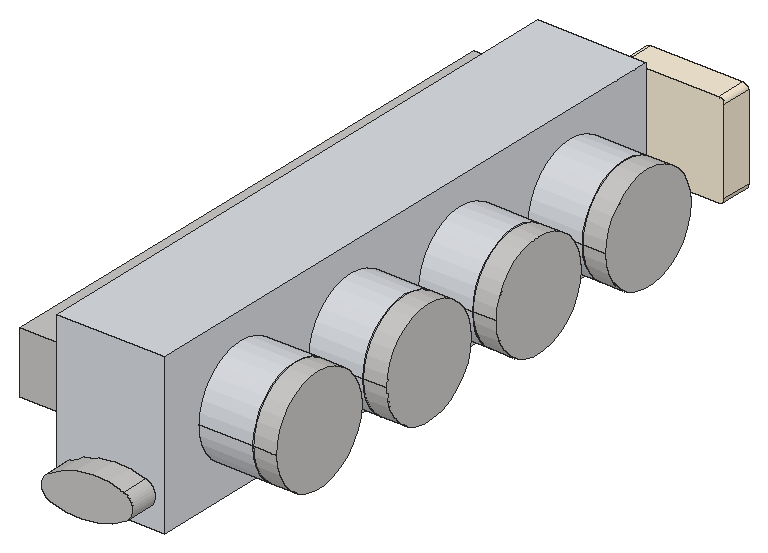
Revit family "HVAC_Ductwork_Airzone_Motorized-Plenum_Galletti_Standard_4-Dampers", category Mechanical Equipment, Revit 2016
Family settings
  Part Type = Normal
  Round Connector Dimension = Use Diameter
  OmniClass Number = 23.75.70.14
  OmniClass Title = Air Ductwork
  Work Plane-Based = No
  Always vertical = Yes
  Cut with Voids When Loaded = No
  Shared = No
  Room Calculation Point = No
Parameters (values of type "GALST01M4")
  Voltage = 230 V
  URL = "www.airzone.es"
  Type Image Comments = "Image available in product documentation download"  # constant formula
  Revit Model Version = "1.0"  # constant formula
  Revit Model Author URL = "www.a3d.es"
  Revit Model Author = "A3D Consulting"  # constant formula
  Product Documentation Download URL = "http://doc.airzone.es/BIM/Easyzone/Galleti-Airzone_motorized_plenum.zip"
  Product Comments = "Refer to technical documentation for further details"  # constant formula
  Power Factor = 1
  Neck Width = 1073.600 mm
  Neck Length = 95.000 mm
  Neck Height = 116.600 mm
  Material = Metal - AIRZONE - Galvanized Sheet - Semi-polished
  Main Control Board Material = Plastic - AIRZONE - Smooth - Off-white
  Load Classification = Other
  Insulated Body Width = 205.000 mm  # constant formula
  Insulated Body Material = Metal -AIRZONE - Insulating Lining -Aluminum Finish
  Insulated Body Length = 1140.000 mm  # constant formula
  Insulated Body Height = 300.000 mm  # constant formula
  Flow [instance] = Damper 4 Air Flow + Damper 3 Air Flow + Damper 2 Air Flow + Damper 1 Air Flow - Fresh Air Inlet 2 Flow - Fresh Air Inlet 1 Flow  # 1200 m³/h
  Fresh Air Inlet 1 Flow [instance] = 0 m³/h
  Fresh Air Inlet 2 Flow [instance] = 0 m³/h
  Fresh Air Inlet Connection Width = 175.000 mm
  Fresh Air Inlet Connection Height = 75.000 mm
  Model = "GALST01M4"
  Neck Side Offset = 33.200 mm
  Neck Bottom Offset = 112.700 mm
  Type Image = <None>
  Manufacturer = "AIRZONE"  # constant formula
  Main Control Board Depth = 57.000 mm  # constant formula
  Main Control Board Width = 195.000 mm  # constant formula
  Main Control Board Height = 180.000 mm  # constant formula
  Fixing = ""
  Disclaimer = "All information provided in this model is reviewed before being published. However, Airzone cannot guarantee this model is error-free, therefore users are strongly encouraged to check for technical documentation and updates"  # constant formula
  Description = "Airzone standard motorized plenum with neck that mechanically adapts to the main ducted AC units of Galletti."
  Type Comments = ""
  Dampers Length = 149.000 mm  # constant formula
  Dampers Diameter = 200.000 mm  # constant formula
  Damper 4 Air Flow [instance] = 300 m³/h
  Damper 1 Air Flow [instance] = 300 m³/h
  Damper 2 Air Flow [instance] = 300 m³/h
  Damper 3 Air Flow [instance] = 300 m³/h
  Fresh Air Inlet Connection Offset Height = 48.305 mm  # constant formula
  Compatible Accesories = ""
  Apparent Load = 57.5 VA
Reference planes
  plane 1 "Center (Front/Back)": y = 0
  plane 2 "Center (Elevation)": z = 0
  plane 3 "Center (Left/Right)": x = 0
  plane 4 "Neck Back": y = 536.8
  plane 5 "Neck Front": y = -536.8
  plane 6 "Neck Top": z = 58.3
  plane 7 "Neck Bottom": z = -58.3
  plane 8 "Left": x = 95
  plane 9 "Bottom": z = -171
  plane 10 "Top": z = 129
  plane 11 "Front": y = -570
  plane 12 "Back": y = 570
  plane 13 "Right": x = 300
  plane 14 "Dampers Front": x = 449
  plane 15 "Dampers Center (Elevation)": z = -21
  plane 16 "Damper3": y = -130
  plane 17 "Damper2": y = 130
  plane 18 "Damper1": y = 390
  plane 19 "Middle": y = 0
  plane 20 "FreshAir Center (Elevation)": z = -122.695
  plane 21 "FreshAir1": y = 622.5
  plane 22 "FreshAir2": y = -622.5
  plane 23 "Dampers Lining": x = 404
  plane 24 "FreshAir Vertical Axis": x = 195.83
  plane 25 "ConnectionBox Side": x = 254
  plane 26 "Main Control Board Center (Left/Right)": x = 351.5
  plane 27 "Damper4": y = -390
Forms (mm)
  Extrusion 1, solid, material "Metal - AIRZONE - Galvanized Sheet - Semi-polished" <- "Material"
    sketch origin (0, 0, 0) x (0, 1, 0) y (0, 0, 1)
      loop
        line (-536.8, 58.3) -> (-536.8, -58.3) -> (536.8, -58.3) -> (536.8, 58.3) -> (-536.8, 58.3)
    from 0 to 95
  Extrusion 2, solid, material "Metal -AIRZONE - Insulating Lining -Aluminum Finish" <- "Insulated Body Material"
    sketch origin (95, 0, 0) x (0, 1, 0) y (0, 0, 1)
      loop
        line (-570, 129) -> (-570, -171) -> (570, -171) -> (570, 129) -> (-570, 129)
    from 0 to 205
  Extrusion 3, solid, material "Metal - AIRZONE - Galvanized Sheet - Semi-polished" <- "Material"
    sketch origin (300, 0, 0) x (0, 1, 0) y (0, 0, 1)
      loop
        circle (-130, -21) r 100
    from 104 to 149
  Extrusion 4, solid, material "Metal - AIRZONE - Galvanized Sheet - Semi-polished" <- "Material"
    sketch origin (300, 0, 0) x (0, 1, 0) y (0, 0, 1)
      loop
        circle (130, -21) r 100
    from 104 to 149
  Extrusion 5, solid, material "Metal - AIRZONE - Galvanized Sheet - Semi-polished" <- "Material"
    sketch origin (300, 0, 0) x (0, 1, 0) y (0, 0, 1)
      loop
        circle (390, -21) r 100
    from 104 to 149
  Extrusion 6, solid, material "Metal - AIRZONE - Galvanized Sheet - Semi-polished" <- "Material"
    sketch origin (0, -570, 0) x (0, 0, 1) y (1, 0, 0)
      loop
        arc (-90.141, 265.204) -> (-111.608, 282.105) -> (-136.312, 270.434) r 25.96
        arc (-136.312, 270.434) -> (-162.302, 200.598) -> (-154.849, 126.456) r 164.67
        arc (-154.849, 126.456) -> (-133.665, 109.589) -> (-108.994, 120.751) r 25.96
        arc (-108.994, 120.751) -> (-82.725, 190.78) -> (-90.141, 265.204) r 164.67
    from 0 to -52.5
  Extrusion 7, solid, material "Metal - AIRZONE - Galvanized Sheet - Semi-polished" <- "Material"
    sketch origin (0, 570, 0) x (0, 0, 1) y (1, 0, 0)
      loop
        arc (-90.141, 265.204) -> (-111.325, 282.071) -> (-135.996, 270.909) r 25.96
        arc (-135.996, 270.909) -> (-162.179, 201.53) -> (-155.267, 127.699) r 164.67
        arc (-155.267, 127.699) -> (-134.032, 109.637) -> (-108.678, 121.226) r 25.96
        arc (-108.678, 121.226) -> (-82.688, 191.062) -> (-90.141, 265.204) r 164.67
    from 0 to 52.5
  Extrusion 8, solid, material "Metal -AIRZONE - Insulating Lining -Aluminum Finish" <- "Insulated Body Material"
    sketch origin (300, 0, 0) x (0, 1, 0) y (0, 0, 1)
      loop
        circle (390, -21) r 100
    from 0 to 104
  Extrusion 9, solid, material "Metal -AIRZONE - Insulating Lining -Aluminum Finish" <- "Insulated Body Material"
    sketch origin (300, -260, 0) x (0, 1, 0) y (0, 0, 1)
      loop
        circle (390, -21) r 100
    from 0 to 104
  Extrusion 10, solid, material "Metal -AIRZONE - Insulating Lining -Aluminum Finish" <- "Insulated Body Material"
    sketch origin (300, -520, 0) x (0, 1, 0) y (0, 0, 1)
      loop
        circle (390, -21) r 100
    from 0 to 104
  Extrusion 11, solid, material "Metal - AIRZONE - Galvanized Sheet - Semi-polished" <- "Material"
    sketch origin (300, -190, 0) x (0, 1, 0) y (0, 0, 1)
      loop
        circle (-200, -21) r 100
    from 104 to 149
  Extrusion 12, solid, material "Metal -AIRZONE - Insulating Lining -Aluminum Finish" <- "Insulated Body Material"
    sketch origin (300, -710, 0) x (0, 1, 0) y (0, 0, 1)
      loop
        circle (320, -21) r 100
    from 0 to 104
Lines and regions (mm)
  Masking region 1
    outline origin (0, 0, 0) x (1, 0, 0) y (0, 1, 0)
      loop
        line (95, 570) -> (95, -570) -> (300, -570) -> (300, 570) -> (95, 570)
  Masking region 2, detail levels medium+fine
    outline origin (0, 0, 0) x (1, 0, 0) y (0, 1, 0)
      loop
        line (0, 536.8) -> (0, -536.8) -> (95, -536.8) -> (95, 536.8) -> (0, 536.8)
  Masking region 3, detail levels medium+fine
    outline origin (0, 0, 0) x (1, 0, 0) y (0, 1, 0)
      loop
        line (300, -30) -> (300, -230) -> (449, -230) -> (449, -30) -> (300, -30)
  Masking region 4, detail levels medium+fine
    outline origin (0, 260, 0) x (1, 0, 0) y (0, 1, 0)
      loop
        line (300, -30) -> (300, -230) -> (449, -230) -> (449, -30) -> (300, -30)
  Masking region 5, detail levels medium+fine
    outline origin (0, 520, 0) x (1, 0, 0) y (0, 1, 0)
      loop
        line (300, -30) -> (300, -230) -> (449, -230) -> (449, -30) -> (300, -30)
  Masking region 6, detail levels medium+fine
    outline origin (0, 0, -122.695) x (1, 0, 0) y (0, 1, 0)
      loop
        line (108.33, 622.5) -> (108.33, 570) -> (283.33, 570) -> (283.33, 622.5) -> (108.33, 622.5)
  Masking region 7, detail levels medium+fine
    outline origin (0, 0, -122.695) x (1, 0, 0) y (0, 1, 0)
      loop
        line (108.33, -570) -> (108.33, -622.5) -> (283.33, -622.5) -> (283.33, -570) -> (108.33, -570)
  Masking region 8, detail levels medium+fine
    outline origin (0, 0, 129) x (0, -1, 0) y (1, 0, 0)
      loop
        line (-627, 254) -> (-570, 254) -> (-570, 449) -> (-627, 449) -> (-627, 254)
  Masking region 9, detail levels medium+fine
    outline origin (0, -190, 0) x (1, 0, 0) y (0, 1, 0)
      loop
        line (300, -100) -> (300, -300) -> (449, -300) -> (449, -100) -> (300, -100)
  symbolic lines, detail levels coarse
    curve 1: line (95, -570, 0) -> (300, 0, 0)
    curve 2: line (300, 0, 0) -> (95, 570, 0)
Dimensions and locks
  equal spacing: plane 4 "Neck Back", plane 1 "Center (Front/Back)", plane 5 "Neck Front"
  "Neck Width": plane 4 "Neck Back" to plane 5 "Neck Front"
  equal spacing: plane 6 "Neck Top", level, plane 7 "Neck Bottom"
  "Neck Height": plane 6 "Neck Top" to plane 7 "Neck Bottom"
  "Neck Length": plane 3 "Center (Left/Right)" to plane 8 "Left"
  "Neck Bottom Offset": plane 7 "Neck Bottom" to plane 9 "Bottom"
  "Insulated Body Height": plane 10 "Top" to plane 9 "Bottom"
  "Insulated Body Length": plane 12 "Back" to plane 11 "Front"
  "Insulated Body Width": plane 8 "Left" to plane 13 "Right"
  "Dampers Length": plane 13 "Right" to plane 14 "Dampers Front"
  equal spacing: plane 10 "Top", plane 15 "Dampers Center (Elevation)", plane 9 "Bottom"
  equal spacing: plane 12 "Back", plane 19 "Middle", plane 11 "Front"
  plane 8 "Left" to plane 13 "Right" = 205.000 mm
  "Fresh Air Inlet Connection Offset Height": plane 20 "FreshAir Center (Elevation)" to plane 9 "Bottom"
  locked: Extrusion 6 sketch curve to plane 9 "Bottom" at 56.47
  locked: plane 13 "Right" to Extrusion 6 sketch curve at 43.69
  locked: plane 13 "Right" to Extrusion 6 sketch curve at 164.65
  locked: Extrusion 6 sketch curve to plane 9 "Bottom" at 40.54
  locked: plane 13 "Right" to Extrusion 6 sketch curve at 87.91
  locked: plane 9 "Bottom" to Extrusion 6 sketch curve at 75.01
  locked: plane 13 "Right" to Extrusion 6 sketch curve at 120.43
  locked: Extrusion 6 sketch curve to plane 9 "Bottom" at 172.02
  locked: plane 13 "Right" to Extrusion 7 sketch curve at 43.69
  locked: Extrusion 7 sketch curve to plane 9 "Bottom" at 56.47
  locked: Extrusion 7 sketch curve to plane 9 "Bottom" at 40.54
  locked: plane 13 "Right" to Extrusion 7 sketch curve at 164.65
  locked: plane 13 "Right" to Extrusion 7 sketch curve at 120.43
  locked: Extrusion 7 sketch curve to plane 9 "Bottom" at 172.02
  locked: plane 9 "Bottom" to Extrusion 7 sketch curve at 75.01
  locked: plane 13 "Right" to Extrusion 7 sketch curve at 87.91
  "Neck Side Offset": plane 12 "Back" to plane 4 "Neck Back"
  locked: plane 21 "FreshAir1" to plane 12 "Back" at 52.5
  plane 11 "Front" to plane 22 "FreshAir2" = 52.500 mm
  locked: connector elem to plane 13 "Right" at 104.17
  locked: plane 20 "FreshAir Center (Elevation)" to connector elem
  locked: plane 13 "Right" to connector elem at 104.17
  locked: connector elem to plane 20 "FreshAir Center (Elevation)"
  locked: plane 23 "Dampers Lining" to plane 14 "Dampers Front" at 45
  locked: plane 24 "FreshAir Vertical Axis" to plane 13 "Right" at 104.17
  equal spacing: Masking region 3 sketch curve, plane 16 "Damper3", Masking region 3 sketch curve
  "Dampers Diameter": Masking region 3 sketch curve to Masking region 3 sketch curve
  "Dampers Diameter": Masking region 4 sketch curve to Masking region 4 sketch curve
  equal spacing: Masking region 5 sketch curve, plane 18 "Damper1", Masking region 5 sketch curve
  "Dampers Diameter": Masking region 5 sketch curve to Masking region 5 sketch curve
  equal spacing: Masking region 6 sketch curve, plane 24 "FreshAir Vertical Axis", Masking region 6 sketch curve
  "Fresh Air Inlet Connection Width": Masking region 6 sketch curve to Masking region 6 sketch curve
  equal spacing: Masking region 7 sketch curve, plane 24 "FreshAir Vertical Axis", Masking region 7 sketch curve
  "Fresh Air Inlet Connection Width": Masking region 7 sketch curve to Masking region 7 sketch curve
  "Main Control Board Depth": Masking region 8 sketch curve to plane 12 "Back"
  "Main Control Board Width": plane 25 "ConnectionBox Side" to plane 14 "Dampers Front"
  equal spacing: plane 25 "ConnectionBox Side", plane 26 "Main Control Board Center (Left/Right)", plane 14 "Dampers Front"
  locked: nested 1 to plane 10 "Top" at 10
  equal spacing: Masking region 4 sketch curve, plane 17 "Damper2", Masking region 4 sketch curve
  equal spacing: Masking region 9 sketch curve, plane 27 "Damper4", Masking region 9 sketch curve
  "Dampers Diameter": Masking region 9 sketch curve to Masking region 9 sketch curve
  plane 18 "Damper1" to plane 17 "Damper2" to plane 16 "Damper3" to plane 27 "Damper4" = 260.000 mm locked, 260.000 mm locked, 260.000 mm locked
  locked: plane 17 "Damper2" to plane 19 "Middle" at 130
  "Dampers Diameter": diameter of Extrusion 3 sketch curve
  "Dampers Diameter": diameter of Extrusion 4 sketch curve
  "Dampers Diameter": diameter of Extrusion 5 sketch curve
  radius of Extrusion 7 sketch curve = 164.670 mm  (x2)
  radius of Extrusion 7 sketch curve = 25.960 mm  (x2)
  radius of Extrusion 6 sketch curve = 164.670 mm  (x2)
  radius of Extrusion 6 sketch curve = 25.960 mm  (x2)
  "Dampers Diameter": diameter of Extrusion 8 sketch curve
  "Dampers Diameter": diameter of Extrusion 9 sketch curve
  "Dampers Diameter": diameter of Extrusion 10 sketch curve
  "Dampers Diameter": diameter of Extrusion 11 sketch curve
  "Dampers Diameter": diameter of Extrusion 12 sketch curve
  aligned and locked: level to plane 2 "Center (Elevation)"
  aligned and locked: plane 5 "Neck Front" to Extrusion 1 sketch curve
  aligned and locked: Extrusion 1 sketch curve to plane 6 "Neck Top"
  aligned and locked: Extrusion 1 sketch curve to plane 4 "Neck Back"
  aligned and locked: plane 7 "Neck Bottom" to Extrusion 1 sketch curve
  aligned and locked: Extrusion 1 to plane 3 "Center (Left/Right)"
  aligned and locked: Extrusion 2 sketch curve to plane 10 "Top"
  aligned and locked: Extrusion 2 sketch curve to plane 12 "Back"
  aligned and locked: plane 9 "Bottom" to Extrusion 2 sketch curve
  aligned and locked: plane 11 "Front" to Extrusion 2 sketch curve
  aligned and locked: plane 13 "Right" to Extrusion 2
  aligned and locked: Extrusion 2 to plane 8 "Left"
  aligned and locked: plane 16 "Damper3" to Extrusion 3 sketch curve
  aligned and locked: plane 15 "Dampers Center (Elevation)" to Extrusion 3 sketch curve
  aligned and locked: plane 15 "Dampers Center (Elevation)" to Extrusion 4 sketch curve
  aligned and locked: plane 18 "Damper1" to Extrusion 5 sketch curve
  aligned and locked: plane 15 "Dampers Center (Elevation)" to Extrusion 5 sketch curve
  aligned and locked: plane 14 "Dampers Front" to Extrusion 5
  aligned and locked: plane 14 "Dampers Front" to Extrusion 4
  aligned and locked: plane 14 "Dampers Front" to Extrusion 3
  aligned and locked: plane 8 "Left" to Extrusion 1
  aligned and locked: plane 22 "FreshAir2" to Extrusion 6
  aligned and locked: plane 21 "FreshAir1" to Extrusion 7
  aligned and locked: Extrusion 7 to plane 12 "Back"
  aligned and locked: plane 11 "Front" to Extrusion 6
  aligned and locked: Extrusion 5 to plane 23 "Dampers Lining"
  aligned and locked: Extrusion 5 to Extrusion 4
  aligned and locked: Extrusion 4 to Extrusion 3
  aligned and locked: plane 23 "Dampers Lining" to Extrusion 8
  aligned and locked: Extrusion 10 to plane 13 "Right"
  aligned and locked: plane 23 "Dampers Lining" to Extrusion 10
  aligned and locked: Extrusion 9 to plane 13 "Right"
  aligned and locked: plane 23 "Dampers Lining" to Extrusion 9
  aligned and locked: Extrusion 8 to plane 13 "Right"
  aligned and locked: Extrusion 9 to Extrusion 8
  aligned and locked: plane 18 "Damper1" to Extrusion 8 sketch curve
  aligned and locked: plane 15 "Dampers Center (Elevation)" to Extrusion 8 sketch curve
  aligned and locked: plane 15 "Dampers Center (Elevation)" to Extrusion 9 sketch curve
  aligned and locked: plane 16 "Damper3" to Extrusion 10 sketch curve
  aligned and locked: plane 15 "Dampers Center (Elevation)" to Extrusion 10 sketch curve
  aligned and locked: Masking region 1 sketch curve to plane 12 "Back"
  aligned and locked: plane 8 "Left" to Masking region 1 sketch curve
  aligned and locked: Masking region 1 sketch curve to plane 13 "Right"
  aligned and locked: plane 11 "Front" to Masking region 1 sketch curve
  aligned and locked: plane 5 "Neck Front" to Masking region 2 sketch curve
  aligned and locked: plane 3 "Center (Left/Right)" to Masking region 2 sketch curve
  aligned and locked: Masking region 2 sketch curve to plane 4 "Neck Back"
  aligned and locked: Masking region 2 sketch curve to plane 8 "Left"
  aligned and locked: plane 13 "Right" to Masking region 3 sketch curve
  aligned and locked: Masking region 3 sketch curve to plane 14 "Dampers Front"
  aligned and locked: plane 13 "Right" to Masking region 4 sketch curve
  aligned and locked: Masking region 4 sketch curve to plane 14 "Dampers Front"
  aligned and locked: plane 13 "Right" to Masking region 5 sketch curve
  aligned and locked: Masking region 5 sketch curve to plane 14 "Dampers Front"
  aligned and locked: plane 12 "Back" to Masking region 6 sketch curve
  aligned and locked: Masking region 6 sketch curve to plane 21 "FreshAir1"
  aligned and locked: Masking region 7 sketch curve to plane 11 "Front"
  aligned and locked: Masking region 7 sketch curve to plane 22 "FreshAir2"
  aligned and locked: plane 12 "Back" to Masking region 8 sketch curve
  aligned and locked: Masking region 8 sketch curve to plane 14 "Dampers Front"
  aligned and locked: plane 25 "ConnectionBox Side" to Masking region 8 sketch curve
  aligned and locked: plane 17 "Damper2" to Extrusion 9 sketch curve
  aligned and locked: plane 17 "Damper2" to Extrusion 4 sketch curve
  aligned and locked: Masking region 9 sketch curve to plane 14 "Dampers Front"
  aligned and locked: plane 13 "Right" to Masking region 9 sketch curve
  aligned and locked: Extrusion 12 to plane 13 "Right"
  aligned and locked: plane 23 "Dampers Lining" to Extrusion 12
  aligned and locked: Extrusion 11 to plane 23 "Dampers Lining"
  aligned and locked: plane 14 "Dampers Front" to Extrusion 11
  aligned and locked: plane 15 "Dampers Center (Elevation)" to Extrusion 12 sketch curve
  aligned and locked: plane 27 "Damper4" to Extrusion 12 sketch curve
  aligned and locked: plane 15 "Dampers Center (Elevation)" to Extrusion 11 sketch curve
  aligned and locked: plane 27 "Damper4" to Extrusion 11 sketch curve
  aligned and locked: nested 1 to plane 26 "Main Control Board Center (Left/Right)"
Automatic sketch dimensions
  curve 2 to plane 8 "Left" = 0.000 mm
  curve 1 to plane 8 "Left" = 0.000 mm
  curve 2 to plane 13 "Right" = 0.000 mm
  curve 1 to plane 11 "Front" = 0.000 mm
  curve 2 to plane 19 "Middle" = 0.000 mm
  curve 2 to plane 12 "Back" = 0.000 mm
Nested families
  nested 1: "Airzone_Main-Control-Board" at (351.5, 570, 29) x (-1, 0, 0) z (0, 1, 0), Extrusion <- "Main Control Board Depth", Height <- "Main Control Board Height", Width <- "Main Control Board Width", Material <- "Main Control Board Material", type "Standard"
    with Width 195.000 mm, Material Plastic - AIRZONE - Smooth - Off-white, Height 180.000 mm, Extrusion 57.000 mm
Connectors
  hvac at (449, -130, -21), driven by "Damper 3 Air Flow", driven by "Dampers Diameter"
    settings: on Extrusion 3, index 1, duct flow 300 m³/h, flow factor 0, pres drop 0.0 Pa, loss coef 0, conn angle 0.00°, conn width 304.8 mm, conn height 304.8 mm, conn diameter 200 mm, duct sys type 1, conn prof type 0, flow config 0, flow direction 2, loss method 0, conn ref index -1, conn util no, is conn primary no, conn desc "Supply Air Out 3"
  hvac at (449, 130, -21), driven by "Damper 2 Air Flow", driven by "Dampers Diameter"
    settings: on Extrusion 4, index 2, duct flow 300 m³/h, flow factor 0, pres drop 0.0 Pa, loss coef 0, conn angle 0.00°, conn width 304.8 mm, conn height 304.8 mm, conn diameter 200 mm, duct sys type 1, conn prof type 0, flow config 0, flow direction 2, loss method 0, conn ref index -1, conn util no, is conn primary no, conn desc "Supply Air Out 2"
  hvac at (449, 390, -21), driven by "Damper 1 Air Flow", driven by "Dampers Diameter"
    settings: on Extrusion 5, index 3, duct flow 300 m³/h, flow factor 0, pres drop 0.0 Pa, loss coef 0, conn angle 0.00°, conn width 304.8 mm, conn height 304.8 mm, conn diameter 200 mm, duct sys type 1, conn prof type 0, flow config 0, flow direction 2, loss method 0, conn ref index -1, conn util no, is conn primary no, conn desc "Supply Air Out 1"
  hvac at (0, 0, 0), driven by "Flow", driven by "Neck Height", driven by "Neck Width"
    settings: on Extrusion 1, index 6, duct flow 1200 m³/h, flow factor 0, pres drop 0.0 Pa, loss coef 0, conn angle 0.00°, conn width 1073.6 mm, conn height 116.6 mm, conn diameter 609.6 mm, duct sys type 1, conn prof type 1, flow config 1, flow direction 1, loss method 0, conn ref index -1, conn util no, is conn primary yes, conn desc "Supply Air In"
  hvac at (195.83, -622.5, -122.695), driven by "Fresh Air Inlet 2 Flow", driven by "Fresh Air Inlet Connection Width", driven by "Fresh Air Inlet Connection Height"
    settings: index 7, duct flow 0 m³/h, flow factor 0, pres drop 0.0 Pa, loss coef 0, conn angle 0.00°, conn width 175 mm, conn height 75 mm, conn diameter 609.6 mm, duct sys type 1, conn prof type 2, flow config 1, flow direction 1, loss method 0, conn ref index -1, conn util no, is conn primary no, conn desc "Fresh Air In 2"
  hvac at (195.83, 622.5, -122.695), driven by "Fresh Air Inlet 1 Flow", driven by "Fresh Air Inlet Connection Height", driven by "Fresh Air Inlet Connection Width"
    settings: index 8, duct flow 0 m³/h, flow factor 0, pres drop 0.0 Pa, loss coef 0, conn angle 0.00°, conn width 175 mm, conn height 75 mm, conn diameter 609.6 mm, duct sys type 1, conn prof type 2, flow config 1, flow direction 1, loss method 0, conn ref index -1, conn util no, is conn primary no, conn desc "Fresh Air In 1"
  hvac at (449, -390, -21), driven by "Damper 4 Air Flow", driven by "Dampers Diameter"
    settings: on Extrusion 11, index 9, duct flow 300 m³/h, flow factor 0, pres drop 0.0 Pa, loss coef 0, conn angle 0.00°, conn width 304.8 mm, conn height 304.8 mm, conn diameter 200 mm, duct sys type 1, conn prof type 0, flow config 0, flow direction 2, loss method 0, conn ref index -1, conn util no, is conn primary no, conn desc "Supply Air Out 4"
  electrical at (351.5, 627, 29), driven by "Load Classification", driven by "Voltage", driven by "Apparent Load", driven by "Power Factor"
    settings: on nested 1, index 10, voltage 230 V, apparent load 57.5 VA, apparent load phase1 0 VA, apparent load phase2 0 VA, apparent load phase3 0 VA, power factor 1, load classification "Other", number of poles 1, system type 30, power factor state 1, is connector primary yes, connector utility no, sub classification motor no, connector description "Power Supply"
Definition of nested family "Airzone_Main-Control-Board"
  Parameters (values of type "Standard")
    Width [instance] = 195.000 mm
    URL = "www.airzone.es"
    Revit Model Version = "1.0"  # constant formula
    Revit Model Author URL = "www.a3d.es"
    Revit Model Author = "A3D Consulting"  # constant formula
    Material [instance] = none
    Manufacturer = "AIRZONE"  # constant formula
    Height [instance] = 180.000 mm
    Extrusion [instance] = 57.000 mm
    Default Elevation = 0.000 mm
  Reference planes
    plane 1 "Center (Front/Back)": y = 0
    plane 2: z = 0
    plane 3 "Center (Left/Right)": x = 0
    plane 4: y = 90
    plane 5: y = -90
    plane 6: x = 97.5
    plane 7: x = -97.5
  Forms (mm)
    Extrusion 1, solid, material <- "Material"
      sketch origin (0, 0, 0) x (1, 0, 0) y (0, 1, 0)
        loop
          arc (-87.5, 90) -> (-94.571, 87.071) -> (-97.5, 80) r 10
          line (-97.5, 80) -> (-97.5, -80)
          arc (-97.5, -80) -> (-94.571, -87.071) -> (-87.5, -90) r 10
          line (-87.5, -90) -> (87.5, -90)
          arc (87.5, -90) -> (94.571, -87.071) -> (97.5, -80) r 10
          line (97.5, -80) -> (97.5, 80)
          arc (97.5, 80) -> (94.571, 87.071) -> (87.5, 90) r 10
          line (87.5, 90) -> (-87.5, 90)
      from 0 to 57 <- "Extrusion"
  Dimensions and locks
    equal spacing: plane 7, plane 3 "Center (Left/Right)", plane 6
    equal spacing: plane 4, plane 1 "Center (Front/Back)", plane 5
    "Width": plane 7 to plane 6
    "Height": plane 4 to plane 5
    radius of Extrusion 1 sketch curve = 10.000 mm  (x4)
    aligned and locked: level to plane 2
    aligned and locked: plane 5 to Extrusion 1 sketch curve
    aligned and locked: Extrusion 1 sketch curve to plane 6
    aligned and locked: Extrusion 1 sketch curve to plane 4
    aligned and locked: plane 7 to Extrusion 1 sketch curve
